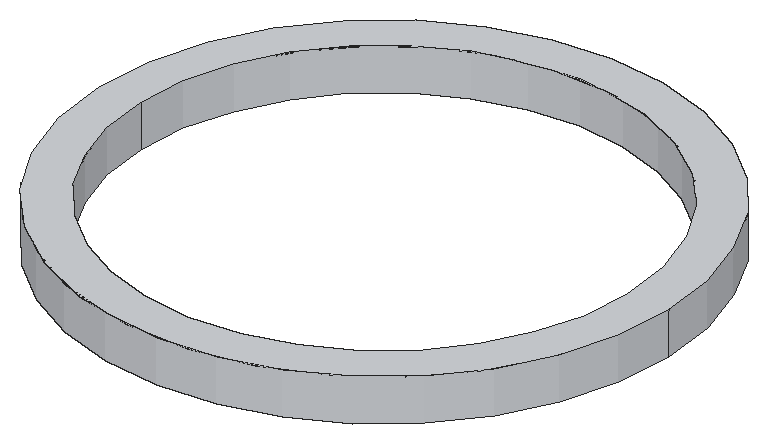
Revit family "LR9", category Generic Models, Revit 2017
Family settings
  Can host rebar = No
  Round Connector Dimension = Use Diameter
  Part Type = Normal
  Work Plane-Based = Yes
  Always vertical = No
  Cut with Voids When Loaded = No
  Shared = No
  Room Calculation Point = No
Parameters (values of type "NBS Standard Parameters")
  weight = "0.0764Kg"
  WarrantyStartDate [instance] = "1900-12-31T23:59:59"
  WarrantyGuarantorParts = "n/a"
  WarrantyGuarantorLabor = "n/a"
  WarrantyDurationUnit = "1 year"
  WarrantyDurationParts = "n/a"
  WarrantyDurationLabor = "n/a"
  WarrantyDescription = "n/a"
  Version = "1"
  Uniclass2 = "Pr_65_70_11_20"
  TagNumber [instance] = "n/a"
  SustainabilityPerformance = "n/a"
  Size = "3\""
  Shape = "Circular"
  SerialNumber [instance] = "n/a"
  Revision = "n/a"
  ReplacementCost = "n/a"
  ProductInformation = "www.metpro.co.uk/pdf/lr9.pdf"
  NominalWidth = 87.5 mm
  NominalLength = 87.5 mm
  NominalHeight = 6.5 mm
  Name = ""
  NBSTypeID = ""
  NBSReference = "90-55-10/460"
  NBSOfficeMasterTag = ""
  NBSNote = ""
  NBSDescription = "Conduit Fittings"
  NBSCertification = ""
  ModelReference = "LR9"
  ModelNumber = "n/a"
  Material = "Brass"
  ManufacturerURL = "www.metpro.co.uk"
  ManufacturerName = "Metpro Ltd"
  InstallationDate [instance] = "1900-12-31T23:59:59"
  IfcExportType = ""
  IfcExportAs = ""
  Grade = "Self Colour"
  Finish = "n/a"
  Features = "n/a"
  ExpectedLife = "n/a"
  DurationUnit = "year"
  Description = "LR9 - 3\" Milled Edge Lockring"
  Default Elevation = 1219.2 mm
  Constituents = "n/a"
  Color = "n/a"
  CodePerformance = "n/a"
  Category = "n/a"
  BarCode [instance] = "n/a"
  BIMObjectName = "metpro_metprolibrary_conduitfittings_metalcomponents_brassaccessories"
  Author = "Metpro Ltd"
  AssetType = ""
  AssetIdentifier [instance] = "n/a"
  AccessibilityPerformance = "n/a"
Reference planes
  plane 1 "Center (Front/Back)": y = 0
  plane 2: z = 0
  plane 3 "Center (Left/Right)": x = 0
Forms (mm)
  Extrusion 1, solid
    sketch origin (0, 0, 0) x (1, 0, 0) y (0, 1, 0)
      loop
        circle (0, 0) r 43.75
      loop
        circle (0, 0) r 37.5
    from 0 to 6.5
Dimensions and locks
  aligned and locked: level to plane 2
